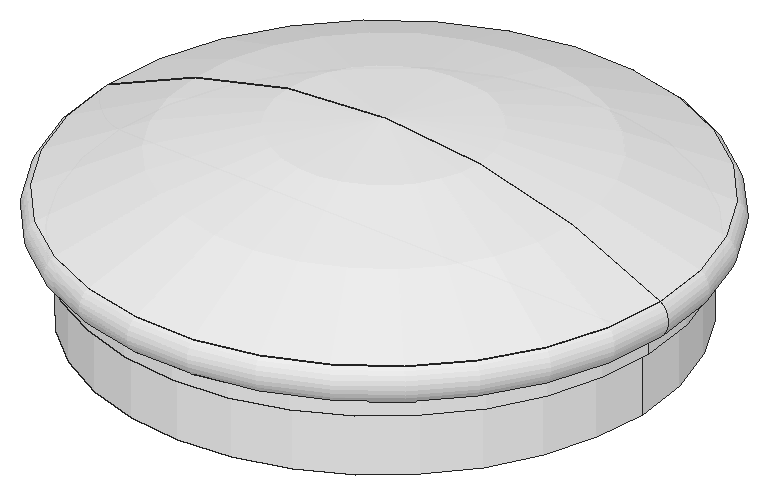
Revit family "3089108 Feilo Sylvania Lighting Fixture CLIO 430 LED WW MW", category Lighting Fixtures, host Face, Revit 2017
Family settings
  Host = Face
  Round Connector Dimension = Use Diameter
  Part Type = Normal
  OmniClass Number = 23.80.70.11.17
  OmniClass Title = Specialized Lighting by Location or Use
  Cut with Voids When Loaded = No
  Light Source = Yes
  Shared = No
  Room Calculation Point = No
Parameters (values of type "3089108 CLIO 430 LED WW MW")
  Weight = "1.69 kg"
  Wattage = 26 W
  WarrantyStartDate [instance] = "n/a"
  WarrantyGuarantorParts = "n/a"
  WarrantyDurationUnit = "n/a"
  WarrantyDurationParts = "n/a"
  WarrantyDescription = "n/a"
  built-in parameter 1150110 = 1 (stored number, unit not read)
  Voltage = 230 V
  URL = "http://www.sylvania-lighting.com"
  TypeName = "CLIO 430 LED WW MW"
  built-in parameter 1114217 = 1 (stored number, unit not read)
  Tilt Angle = -90.00°
  built-in parameter 1150109 = 1 (stored number, unit not read)
  built-in parameter 1150134 = (empty or 0)
  built-in parameter 1150113 = 1 (stored number, unit not read)
  SerialNumber [instance] = "n/a"
  Radius_FEILO = 215.00 mm
  PowerFactor = 0
  PowerConsumption = "26 W"
  Photometry Comments = ""
  Photometric Web File = "3089108.ies"
  NominalWidth = 0.00 mm
  NominalLength = 430.00 mm
  NominalHeight = 134.40 mm
  Name = "CLIO 430 LED WW MW"
  ModelReference = "CLIO 430 LED WW MW"
  ModelNumber = "3089108"
  Material_4_FEILO = none
  Material_3_FEILO = none
  Material_2_FEILO = Acrylic Glass_Sylvania_Clio LED_White
  Material_1_FEILO = Polycarbonate_Sylvania_Clio LED_White
  Material = "n/a"
  ManufacturerName = "Feilo Sylvania"
  LuminousEfficacy = "76.92 lm/W"
  LuminaireType = ""
  LightOutputRatio = "n/a"
  LampsType = Lamp  # "20W"
  LampNominalLuminous = "2000 lm"
  LampMacAdamStep = "n/a"
  LampColourTemperature = "3000 K"
  LampColourRenderingIndex = "80"
  Keynote = "16500"
  InstallationDate [instance] = "n/a"
  InputVoltage = "220-240V~"
  InputNominalFrequency = "50/60 Hz"
  IngressProtection = "IP44"
  ImpactProtectionIndex = "IK06"
  IfcExportType = "IfcLightFixtureType"
  IfcExportAs = "IfcLightFixtureType"
  Height_FEILO = 132.00 mm
  ExpectedLife = 50000
  ElectricShockClassification = "Class II"
  DurationUnit = "hours"
  DocumentationLiterature = "http://www.sylvania-lighting.com/product/en-int/products/3089108"
  DimmingControlOptions = "n/a"
  Diameter_FEILO = Radius_FEILO * 2  # 430.00 mm
  CreatedOn = "2/7/2018"
  CreatedBy = ""
  built-in parameter 1114216 [instance] = 1 (stored number, unit not read)
  Model = "CLIO 430 LED WW MW"
  Manufacturer = "Feilo Sylvania"
  built-in parameter 1150105 = 612.32 (stored number, unit not read)
  Lumens = 2000 lm
  built-in parameter 1150115 = 1 (stored number, unit not read)
  built-in parameter 1150137 = (empty or 0)
  built-in parameter 1150139 = (empty or 0)
  built-in parameter 1150112 = 1 (stored number, unit not read)
  built-in parameter 1150114 = 1 (stored number, unit not read)
  Lamp = "20W"  # constant formula
  built-in parameter 1150132 = 2
  built-in parameter 1150102 = (empty or 0)
  built-in parameter 1150107 = 3000 (stored number, unit not read)
  built-in parameter 1150138 = (empty or 0)
  built-in parameter 1150106 = 6.1232 (stored number, unit not read)
  built-in parameter 1150104 = 7.1464 (stored number, unit not read)
  Dimming Lamp Color Temperature Shift = <None>
  Description = "Large ambient bulkhead luminaire with indirect halo effect, loop in/loop out wiring, surface or rear cable entry, integral on/off microwave sensor for further energy savings, white polycarbonate housing with opal diffuser, 2038lm, 26W, 78lm/W, 3000K, 640mA, 80CRI, non-dimmable, IP44, IK06 40,000 hours (L70), Ø430x132mm, 5 SDCM, 1.7kg, Class II, 220-240V, Energy class A++ (integrated LED)"
  Default Elevation = 0.00 mm
  Color Filter = 16777215
  built-in parameter 1140040 [instance] = 1
  BarCode [instance] = "n/a"
  built-in parameter 1114218 = 1 (stored number, unit not read)
  built-in parameter 1150133 = 10 (stored number, unit not read)
  AssetType = "Fixed"
  AssetIdentifier [instance] = "n/a"
  Assembly Code = "D5020200"
  Apparent Load Comments = ""
  Apparent Load = 26 VA
Reference planes
  plane 1 "Center (Front/Back)": y = 0
  plane 2: z = 0
  plane 3 "Center (Left/Right)": x = 0
  plane 4 "Fixture Bottom": z = 132
  plane 5 "Fixture Right": x = 215
  plane 6 "Fixture Left": x = -215
  plane 7: z = 42.75
  plane 8: z = 54
  plane 9: x = 195
  plane 10: x = 200
  plane 11: x = -195
  plane 12: x = -200
  plane 13: x = 209
  plane 14: x = -209
  plane 15: z = 81.25
Forms (mm)
  Revolve 1, solid, material "Polycarbonate_Sylvania_Clio LED_White" <- "Material_1_FEILO"
    sketch origin (0, 0, 0) x (1, 0, 0) y (0, 0, 1)
      loop
        line (0, 0) -> (195, 0) -> (195, 42.75) -> (200, 42.75) -> (200, 54) -> (0, 54) -> (0, 0)
      axis (0, 54) -> (0, 0)
    angle from 0 to 360
  Revolve 2, solid, material "Acrylic Glass_Sylvania_Clio LED_White" <- "Material_2_FEILO"
    sketch origin (0, 0, 0) x (1, 0, 0) y (0, 0, 1)
      loop
        arc (209, 81.25) -> (107.671, 119.683) -> (0, 132) r 437.011
        line (0, 132) -> (0, 54) -> (200, 54)
        arc (200, 54) -> (214.332, 64.378) -> (209, 81.25) r 15.119
      axis (0, 132) -> (0, 54)
    angle from 0 to 360
Dimensions and locks
  "Height_FEILO": plane 4 "Fixture Bottom" to plane 2
  equal spacing: plane 5 "Fixture Right", plane 3 "Center (Left/Right)", plane 6 "Fixture Left"
  "Diameter_FEILO": plane 5 "Fixture Right" to plane 6 "Fixture Left"
  locked: plane 5 "Fixture Right" to plane 10 at 15
  locked: plane 5 "Fixture Right" to plane 9 at 20
  locked: plane 5 "Fixture Right" to plane 13 at 6
  locked: plane 11 to plane 6 "Fixture Left" at 20
  locked: plane 12 to plane 6 "Fixture Left" at 15
  locked: plane 14 to plane 6 "Fixture Left" at 6
  locked: plane 4 "Fixture Bottom" to plane 15 at 50.75
  locked: plane 8 to plane 7 at 11.25
  locked: plane 15 to plane 8 at 27.25
  aligned and locked: host face to plane 2
  aligned and locked: level to host face
  aligned and locked: plane 3 "Center (Left/Right)" to Revolve 1 sketch curve
  aligned and locked: Revolve 1 sketch curve to plane 2
  aligned and locked: Revolve 1 sketch curve to plane 8
  aligned and locked: Revolve 1 sketch curve to plane 7
  aligned and locked: Revolve 1 sketch curve to plane 9
  aligned and locked: Revolve 1 sketch curve to plane 10
  aligned and locked: Revolve 2 sketch curve to plane 3 "Center (Left/Right)"
  aligned and locked: imposter light to plane 3 "Center (Left/Right)"
  aligned and locked: plane 4 "Fixture Bottom" to imposter light
  aligned and locked: plane 13 to Revolve 2 sketch curve
  aligned and locked: plane 15 to Revolve 2 sketch curve
  aligned and locked: Revolve 2 sketch curve to Revolve 1
  aligned and locked: imposter light to Revolve 2 sketch curve
Automatic sketch dimensions
  host sketch curve to host sketch curve = 1337.794 mm
  host sketch curve to host sketch curve = 1283.632 mm
  Revolve 1 sketch curve to plane 3 "Center (Left/Right)" = 0.00 mm
  Revolve 1 sketch curve to level = 55.00 mm
  Revolve 1 sketch curve to Revolve 1 sketch curve = 25.00 mm
  plane 10 to Revolve 2 sketch curve = 0.00 mm
  Revolve 2 sketch curve to plane 4 "Fixture Bottom" = 0.00 mm
  plane 3 "Center (Left/Right)" to Revolve 2 sketch curve = 4.551 mm
  plane 10 to Revolve 2 sketch curve = 0.025 mm
  Revolve 2 sketch curve to level = 45.00 mm
  Revolve 2 sketch curve to Revolve 2 sketch curve = 67.00 mm
Connectors
  electrical at (0, 0, 0), driven by "Apparent Load", driven by "Voltage", driven by "PowerFactor"
    settings: on Revolve 1, index 1, voltage 230 V, apparent load 0 VA, apparent load phase1 26 VA, apparent load phase2 0 VA, apparent load phase3 0 VA, power factor 0, load classification "Lighting", number of poles 1, system type 31, power factor state 1, is connector primary yes, connector utility no, sub classification motor no, connector description ""
